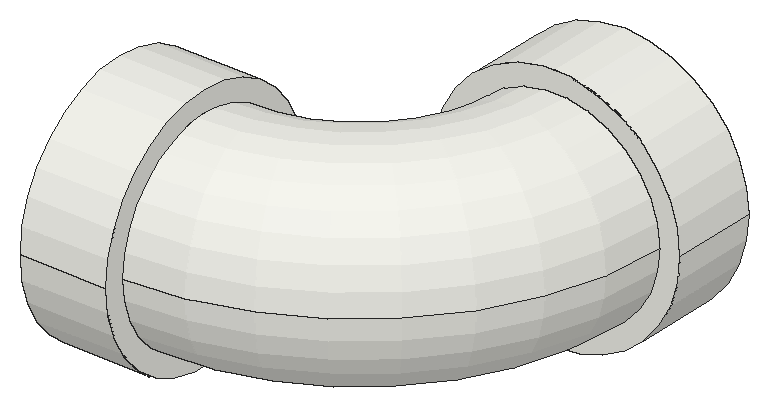
Revit family "PVC_Curva_teste", category Pipe Fittings, Revit 2025
Family settings
  Round Connector Dimension = Use Radius
  Part Type = Elbow
  OmniClass Number = 23.60.30.11.14
  OmniClass Title = Pipework Fittings
  Work Plane-Based = No
  Always vertical = Yes
  Cut with Voids When Loaded = No
  Shared = No
Parameters
  Wall Thickness [instance] = size_lookup(Lookup Table Name, "WThk", 0.02 * Nominal Diameter + 33/256", Nominal Diameter)  # 0.156"
  Tick Size [instance] = Fitting Outside Diameter * 0.4  # 0.664"
  Socket Outside Radius [instance] = Socket Outside Diameter / 2  # 0.9935"
  Socket Outside Diameter [instance] = Socket Entrance Diameter + Wall Thickness * 2  # 1.987"
  Socket Entrance Diameter [instance] = size_lookup(Lookup Table Name, "SED", 1.04 * Nominal Diameter + 95/256", Nominal Diameter)  # 1.675"
  Socket Depth [instance] = size_lookup(Lookup Table Name, "SDpt", 0.5 * Nominal Diameter, Nominal Diameter)  # 0.687"
  Nominal Radius [instance] = 5/8"
  Nominal Diameter [instance] = Nominal Radius * 2  # 1 1/4"
  Loss Method = Not Defined
  Lookup Table Name = "Bend - PVC - Sch 40 - DWV"
  Length 2 [instance] = (Center to Socket Bottom Label + Socket Depth) * sin(Angle)  # 2 1/4"
  Length 1 [instance] = Center to Socket Bottom Label * (1 + cos(Angle)) + Socket Depth * cos(Angle)  # 1.563"
  Fitting Outside Radius [instance] = Fitting Outside Diameter / 2  # 0.83"
  Fitting Outside Diameter [instance] = size_lookup(Lookup Table Name, "FOD", 1.04 * Nominal Diameter + 23/64", Nominal Diameter)  # 1.66"
  Default Elevation = 0.000 m
  Center to Socket Bottom Not Found [instance] = if(Angle 1 = 90.00°, 0.66 * Nominal Diameter + 119/128", if(Angle 1 = 60.00°, 0.41 * Nominal Diameter + 55/128", if(Angle 1 = 45.00°, 0.42 * Nominal Diameter + 69/128", 0.21 * Nominal Diameter + 51/256")))  # 1.75469"
  Center to Socket Bottom Label [instance] = if(Fitting Outside Radius * tan(Angle / 2) > Center to Socket Bottom, Fitting Outside Radius * tan(Angle / 2) + 1/32", Center to Socket Bottom)  # 1.563"
  Center to Socket Bottom [instance] = size_lookup(Lookup Table Name, "CtSB", Center to Socket Bottom Not Found, Nominal Diameter, Angle 1)  # 1.563"
  Center Radius [instance] = Center to Socket Bottom Label / tan(Angle / 2)  # 1.563"
  Angle 1 [instance] = if(or(Angle < 22.50°, Angle = 22.50°), 22.50°, if(or(Angle < 45.00°, Angle = 45.00°), 45.00°, if(or(Angle < 60.00°, Angle = 60.00°), 60.00°, 90.00°)))  # 90.00°
  Angle [instance] = 90.00°
Reference planes (m)
  plane 1 "Center (Front/Back)": y = 0
  plane 2: z = 0
  plane 3 "Center (Left/Right)": x = 0
  plane 4: x = -0.0397
  plane 5: y = 0.0397
  plane 6: x = 0
  plane 7: y = 0.05715
  plane 8: x = -0.05715
Forms (m)
  Sweep 1, solid, material "PVC", detail levels fine
    path in 3D
      loop
        arc (-0.0397, 0, 0) -> (-0.011628, 0.011628, 0) -> (0, 0.0397, 0) r 0.0397
    profile origin (-0.011628, 0.011628, 0) x (-0.707107, 0.707107, 0) y (0, 0, 1)
      loop
        circle (0, 0) r 0.021082
  Sweep 2, solid, material "PVC", detail levels fine
    path in 3D
      loop
        line (-0.05715, 0, 0) -> (-0.0397, 0, 0)
    profile origin (-0.048425, 0, 0) x (0, 1, 0) y (0, 0, 1)
      loop
        circle (0, 0) r 0.025235
  Sweep 3, solid, material "PVC", detail levels fine
    path in 3D
      loop
        line (0, 0.0397, 0) -> (0, 0.05715, 0)
    profile origin (0, 0.048425, 0) x (-1, 0, 0) y (0, 0, 1)
      loop
        circle (0, 0) r 0.025235
Cuts and joins
  joined: Sweep 1, Sweep 2, Sweep 3
Lines and regions (m)
  model lines, detail levels coarse+medium
    curve 1: arc (-0.0397, 0, 0) -> (-0.011628, 0.011628, 0) -> (0, 0.0397, 0) r 0.0397
    curve 2: line (0, 0.0397, 0) -> (0, 0.05715, 0)
    curve 3: line (-0.05715, 0, 0) -> (-0.0397, 0, 0)
    curve 9: line (0, 0.05715, 0) -> (-0.016866, 0.05715, 0)
    curve 10: line (0, 0.05715, 0) -> (0.016866, 0.05715, 0)
    curve 11: line (-0.05715, 0.016866, 0) -> (-0.05715, 0, 0)
    curve 12: line (-0.05715, 0, 0) -> (-0.05715, -0.016866, 0)
  sketch lines
    curve 4: arc (-0.0397, 0, 0) -> (-0.011628, 0.011628, 0) -> (0, 0.0397, 0) r 0.0397
    curve 5: line (-0.05715, 0, 0) -> (-0.0397, 0, 0)
    curve 6: line (0, 0.0397, 0) -> (0, 0.05715, 0)
  reference lines
    curve 7: line (0, 0.05715, 0) -> (0, 0.0397, 0)
    curve 8: line (-0.05715, 0, 0) -> (-0.0397, 0, 0)
Dimensions and locks (m)
  "Center to Socket Bottom Label": plane 4 to plane 3 "Center (Left/Right)"
  "Center Radius": plane 5 to plane 1 "Center (Front/Back)"
  "Length 1": plane 4 to plane 6
  "Length 2": plane 7 to plane 1 "Center (Front/Back)"
  "Socket Depth": curve 2 to curve 2
  "Socket Depth": plane 8 to plane 4
  "Tick Size": curve 9 to curve 9
  "Tick Size": curve 10 to curve 10
  "Tick Size": curve 11 to curve 11
  "Tick Size": curve 12 to curve 12
  "Fitting Outside Radius": radius of Sweep 1 sketch curve
  "Socket Outside Radius": radius of Sweep 2 sketch curve
  "Socket Outside Radius": radius of Sweep 3 sketch curve
  "Center Radius": radius of curve 1
  "Angle": angle curve 1 to curve 1
  "Angle": angle plane 1 "Center (Front/Back)" to curve 2
  "Angle": angle plane 1 "Center (Front/Back)" to curve 7
  "Angle": angle plane 6 to curve 9
  "Angle": angle plane 6 to curve 10
  aligned and locked: plane 1 "Center (Front/Back)" to curve 1
  aligned and locked: plane 1 "Center (Front/Back)" to curve 3
  aligned and locked: plane 6 to curve 7
  aligned and locked: plane 7 to curve 7
  aligned and locked: plane 8 to curve 8
  aligned and locked: plane 1 "Center (Front/Back)" to curve 8
  aligned and locked: plane 6 to curve 9
  aligned and locked: curve 11 to plane 8
  aligned and locked: curve 12 to plane 8
Automatic sketch dimensions
  Sweep 1 sketch curve to profile plane = 0.000 m
  profile plane to Sweep 1 sketch curve = 0.000 m
  Sweep 2 sketch curve to profile plane = 0.000 m  (x2)
  Sweep 3 sketch curve to profile plane = 0.000 m  (x2)
  curve 8 to plane 4 = 0.000 m
Connectors (m)
  piping at (-0.05715, 0, 0), diameter 0.03175, driven by "Angle", driven by "Nominal Radius"
    settings: on cut or joined group of Sweep 1, Sweep 2, Sweep 3, index 1, connector inside diameter 1 1/4", connector length 0.000 m, flow factor 0, pipe flow 0 GPM, pressure drop 0.00 psi, fitting loss kfactor 0, connector angle 90.00°, fixture units 0, engagement length 0.000 m, angle of deflection 0.00°, flow configuration 0, flow direction 0, fitting loss method 0, system type 28, joint type 0, gender type 0, connector reference index 2, connector utility 0, adjustable connector no, is connector primary yes, connector description ""
  piping at (0, 0.05715, 0), diameter 0.03175, driven by "Angle", driven by "Nominal Radius"
    settings: on cut or joined group of Sweep 1, Sweep 2, Sweep 3, index 2, connector inside diameter 1 1/4", connector length 0.000 m, flow factor 0, pipe flow 0 GPM, pressure drop 0.00 psi, fitting loss kfactor 0, connector angle 90.00°, fixture units 0, engagement length 0.000 m, angle of deflection 0.00°, flow configuration 0, flow direction 0, fitting loss method 0, system type 28, joint type 0, gender type 0, connector reference index 1, connector utility 0, adjustable connector no, is connector primary no, connector description ""
